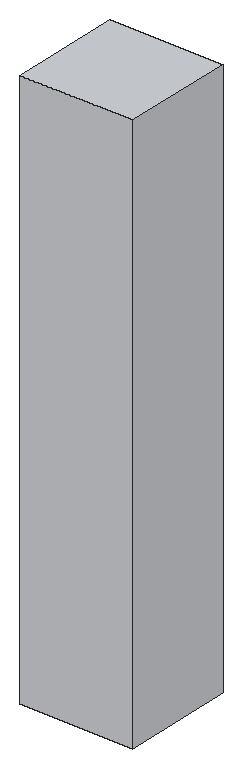
Revit family "Placeholder", category Generic Models, Revit 2025
Family settings
  Can host rebar = No
  Round Connector Dimension = Use Diameter
  Part Type = Normal
  Work Plane-Based = No
  Always vertical = Yes
  Cut with Voids When Loaded = No
  Maintain Annotation Orientation = No
  Shared = No
  Room Calculation Point = No
Parameters (values of type "PlaceholderType")
  Height [instance] = 500 mm
  Default Elevation = 0 mm
Reference planes
  plane 1 "Center (Front/Back)": y = 0
  plane 2: z = 0
  plane 3 "Center (Left/Right)": x = 0
  plane 4: z = 500
Forms (mm)
  Extrusion 1, solid
    sketch origin (0, 0, 0) x (1, 0, 0) y (0, 1, 0)
      loop
        line (-50, -54.346) -> (50, -54.346) -> (50, 45.654) -> (-50, 45.654) -> (-50, -54.346)
    from 0 to 500
Dimensions and locks
  "Height": plane 4 to plane 2
  aligned and locked: level to plane 2
  aligned and locked: plane 4 to Extrusion 1
  aligned and locked: Extrusion 1 to plane 2
Automatic sketch dimensions
  Extrusion 1 sketch curve to plane 3 "Center (Left/Right)" = 50 mm
  plane 3 "Center (Left/Right)" to Extrusion 1 sketch curve = 50 mm
  plane 1 "Center (Front/Back)" to Extrusion 1 sketch curve = 54.346 mm
  Extrusion 1 sketch curve to plane 1 "Center (Front/Back)" = 45.654 mm
